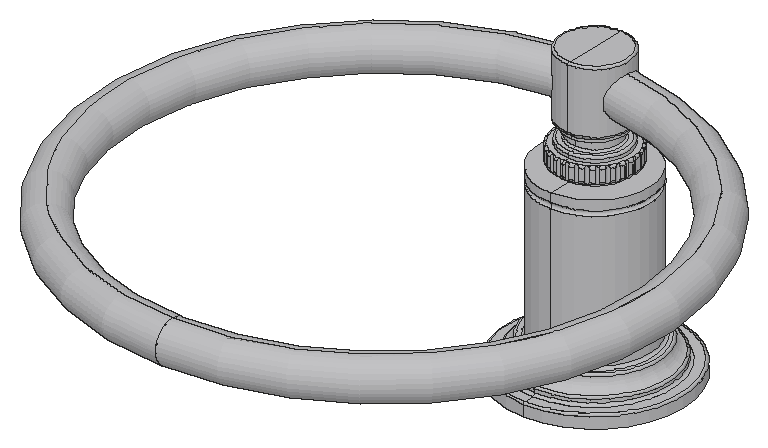
Revit family "Accessory-Towel_Ring-KALLISTA-Central_Park_West-P31422_1", category Specialty Equipment, host Face, Revit 2021
Family settings
  Host = Face
  Round Connector Dimension = Use Diameter
  Part Type = Normal
  OmniClass Number = 23.31.25.25
  OmniClass Title = Towel Bars
  Cut with Voids When Loaded = No
  Shared = No
  Room Calculation Point = No
Parameters (values of type "CP-Chrome")
  Width = 3.38189"  # constant formula
  WaterSense Certified = 1 = 0  # no
  URL = "https://www.kallista.com/"
  Type = 4
  Product Page URL = "https://www.kallista.com/bathroom/accessories/towel-rings/central-park-west-towel-ring-p31422-00-cp"
  Product Name = "CENTRAL PARK WEST"  # constant formula
  Product Documentation Link = "https://resources.kohler.com/interiors/kallista/pdf/1377362-4.pdf"
  Model = if(Type = 1, "P31422-00-BAF", if(Type = 2, "P31422-00-BN", if(Type = 3, "P31422-00-BV", if(Type = 4, "P31422-00-CP", if(Type = 5, "P31422-00-SN", if(Type = 6, "P31422-00-ULB", "NA"))))))  # "P31422-00-CP"
  Material = "Brass Construction"  # constant formula
  Master Format 2014 Name = "Toilet, Bath, and Laundry Accessories"  # constant formula
  Master Format 2014 = "10 28 00"  # constant formula
  Manufacturer Address = "444 Highland Dr, Kohler, WI 53044"  # constant formula
  Manufacturer = "Kallista Co."  # constant formula
  Length = 6.5748"  # constant formula
  Height = 7.3622"  # constant formula
  Finish = Kallista-Metal-CP-Chrome
  Environmental Product Declaration = ""
  Description = "TOWEL RING"  # constant formula
  Default Elevation = 42"
  Declare Label = ""
  Date Modified = "10/20/2022"  # constant formula
  Date Created = "10/20/2022"  # constant formula
  Copyright = "Copyright Kallista Co."  # constant formula
  Contact Us = "https://www.kallista.com/corporate/contact-us/"
  Assembly Code = "C1030200"
  ADA Compliant = 1 = 0  # no
Types (7): name | Type | Product Page URL | Model | Finish
  (no name) | 4 | "https://www.kallista.com/bathroom/accessories/towel-rings/central-park-west-towel-ring-p31422-00-cp" | "P31422-00-CP" | Kallista-Metal-CP-Chrome
  BAF-Brushed French Gold | 1 | "https://www.kallista.com/bathroom/accessories/towel-rings/central-park-west-towel-ring-p31422-00-baf" | "P31422-00-BAF" | Kallista-Metal-BAF-Brushed_French_Gold
  BN-Brushed Nickel | 2 | "" | "P31422-00-BN" | Kallista-Metal-BN-Brushed_Nickel
  BV-Brushed Bronze | 3 | "https://www.kallista.com/bathroom/accessories/towel-rings/central-park-west-towel-ring-p31422-00-bv" | "P31422-00-BV" | Kallista-Metal-BV-Brushed_Bronze
  CP-Chrome | 4 | "https://www.kallista.com/bathroom/accessories/towel-rings/central-park-west-towel-ring-p31422-00-cp" | "P31422-00-CP" | Kallista-Metal-CP-Chrome
  SN-Polished Nickel | 5 | "https://www.kallista.com/bathroom/accessories/towel-rings/central-park-west-towel-ring-p31422-00-sn" | "P31422-00-SN" | Kallista-Metal-SN-Polished_Nickel
  ULB-Unlaquered Brass | 6 | "https://www.kallista.com/bathroom/accessories/towel-rings/central-park-west-towel-ring-p31422-00-ulb" | "P31422-00-ULB" | Kallista-Metal-ULB-Unlaquered_Brass
Reference planes (in)
  plane 1 "Center (Front/Back)": y = 0
  plane 2: z = 0
  plane 3 "Center (Left/Right)": x = 0
  plane 4: x = -3.2874
  plane 5: x = 3.2874
  plane 6: y = 1.02756
  plane 7: y = -6.33465
  plane 8: z = 3.00789
  plane 9: z = 3.38189
  plane 10: x = 1.02799
  plane 11: x = -1.02799
  plane 12: y = -1.02756
Dimensions and locks (in)
  "Height": plane 7 to plane 6
  "Length": plane 4 to plane 5
  "Width": plane 9 to plane 2
  aligned and locked: plane 2 to host face
  aligned and locked: level to host face
  aligned and locked: plane 3 "Center (Left/Right)" to nested 1
  aligned and locked: nested 1 to plane 1 "Center (Front/Back)"
Automatic sketch dimensions
  host sketch curve to host sketch curve = 96"  (x2)
Nested families (in)
  nested 1: "P31422" at (0, -6.32677, 0.00002) x (1, 0, 0) z (0, 1, 0), type "P31422"
Definition of nested family "P31422"
  Parameters
    Material = none
    Default Elevation = 48"
  Reference planes (in)
    plane 1 "Center (Front/Back)": y = 0
    plane 2: z = 0
    plane 3 "Center (Left/Right)": x = 0
    plane 4: z = 7.35433
    plane 5: z = 6.32677
    plane 6: x = -3.2874
    plane 7: x = 3.2874
    plane 8: y = -3.38189
    plane 9: y = -3.00787
  Forms (in)
    Revolve 1, solid, material <- "Material", detail levels medium+fine
      sketch origin (0, 0, 0) x (0, 1, 0) y (0, 0, 1)
        loop
          line (-0.00002, 6.32709) -> (-0.00002, 7.35476) -> (-0.12698, 7.35476)
          arc (-0.12698, 7.35476) -> (-0.14219, 7.34846) -> (-0.14849, 7.33325) r 0.02151
          line (-0.14849, 7.33325) -> (-0.14849, 7.21889)
          arc (-0.14849, 7.21889) -> (-0.15744, 7.19728) -> (-0.17906, 7.18833) r 0.03056
          line (-0.17906, 7.18833) -> (-0.21179, 7.18833)
          arc (-0.21179, 7.18833) -> (-0.22787, 7.18325) -> (-0.23812, 7.16986) r 0.028
          arc (-0.23812, 7.16986) -> (-0.29325, 7.09544) -> (-0.38017, 7.06348) r 0.1617
          arc (-0.38017, 7.06348) -> (-0.39429, 7.05685) -> (-0.40003, 7.04234) r 0.02118
          line (-0.40003, 7.04234) -> (-0.40003, 6.99486)
          arc (-0.40003, 6.99486) -> (-0.4091, 6.97298) -> (-0.43098, 6.96391) r 0.03095
          line (-0.43098, 6.96391) -> (-1.97888, 6.96391)
          arc (-1.97888, 6.96391) -> (-2.00883, 6.94179) -> (-2.03879, 6.96391) r 0.03135
          line (-2.03879, 6.96391) -> (-2.1498, 6.96391) -> (-2.1498, 6.70319) -> (-2.18949, 6.70319)
          arc (-2.18949, 6.70319) -> (-2.20437, 6.70935) -> (-2.21054, 6.72423) r 0.02104
          line (-2.21054, 6.72423) -> (-2.21054, 6.76792)
          arc (-2.21054, 6.76792) -> (-2.21647, 6.78225) -> (-2.2308, 6.78819) r 0.02027
          line (-2.2308, 6.78819) -> (-2.36751, 6.78819)
          arc (-2.36751, 6.78819) -> (-2.3834, 6.78161) -> (-2.38998, 6.76572) r 0.02247
          line (-2.38998, 6.76572) -> (-2.38998, 6.70319) -> (-2.42672, 6.70319)
          arc (-2.42672, 6.70319) -> (-2.44348, 6.69625) -> (-2.45043, 6.67948) r 0.02371
          line (-2.45043, 6.67948) -> (-2.45043, 6.62541)
          arc (-2.45043, 6.62541) -> (-2.4564, 6.61099) -> (-2.47082, 6.60502) r 0.02039
          line (-2.47082, 6.60502) -> (-2.55814, 6.60502)
          arc (-2.55814, 6.60502) -> (-2.57217, 6.61083) -> (-2.57798, 6.62486) r 0.01984
          line (-2.57798, 6.62486) -> (-2.57798, 6.66385) -> (-2.63721, 6.66385) -> (-2.63721, 6.6961)
          arc (-2.63721, 6.6961) -> (-2.64311, 6.71033) -> (-2.65734, 6.71623) r 0.02013
          line (-2.65734, 6.71623) -> (-3.36026, 6.71623)
          arc (-3.36026, 6.71623) -> (-3.37555, 6.70989) -> (-3.38189, 6.6946) r 0.02163
          line (-3.38189, 6.6946) -> (-3.38189, 6.32709) -> (-0.00002, 6.32709)
        axis (-0.00002, 6.32677) -> (-3.38189, 6.32677)
      angle from 0 to 360
    Extrusion 2, void
      sketch origin (0, 0, 0) x (1, 0, 0) y (0, 0, 1)
        loop
          line (0.06972, 6.78372) -> (0.07752, 6.8309) -> (0.0368, 6.83808) -> (0.02799, 6.78811)
          arc (0.02799, 6.78811) -> (0.04679, 6.76625) -> (0.06972, 6.78372) r 0.02102
      from 2.18272 to 2.41925
    Extrusion 3, void
      sketch origin (-1.31548, 0, 0.13826) x (0.978148, 0, -0.207912) y (0.207912, 0, 0.978148)
        loop
          line (0.06972, 6.78372) -> (0.07752, 6.8309) -> (0.0368, 6.83808) -> (0.02799, 6.78811)
          arc (0.02799, 6.78811) -> (0.04679, 6.76625) -> (0.06972, 6.78372) r 0.02102
      from 2.18272 to 2.41925
    Extrusion 4, void
      sketch origin (-2.57346, 0, 0.54701) x (0.913545, 0, -0.406737) y (0.406737, 0, 0.913545)
        loop
          line (0.06972, 6.78372) -> (0.07752, 6.8309) -> (0.0368, 6.83808) -> (0.02799, 6.78811)
          arc (0.02799, 6.78811) -> (0.04679, 6.76625) -> (0.06972, 6.78372) r 0.02102
      from 2.18272 to 2.41925
    Extrusion 5, void
      sketch origin (-3.71897, 0, 1.20837) x (0.809017, 0, -0.587785) y (0.587785, 0, 0.809017)
        loop
          line (0.06972, 6.78372) -> (0.07752, 6.8309) -> (0.0368, 6.83808) -> (0.02799, 6.78811)
          arc (0.02799, 6.78811) -> (0.04679, 6.76625) -> (0.06972, 6.78372) r 0.02102
      from 2.18272 to 2.41925
    Extrusion 6, void
      sketch origin (4.70194, 0, 2.09344) x (0.669131, 0, 0.743145) y (-0.743145, 0, 0.669131)
        loop
          line (0.06972, 6.78372) -> (0.07752, 6.8309) -> (0.0368, 6.83808) -> (0.02799, 6.78811)
          arc (0.02799, 6.78811) -> (0.04679, 6.76625) -> (0.06972, 6.78372) r 0.02102
      from 2.18272 to 2.41925
    Extrusion 7, void
      sketch origin (3.71897, 0, 1.20837) x (0.809017, 0, 0.587785) y (-0.587785, 0, 0.809017)
        loop
          line (0.06972, 6.78372) -> (0.07752, 6.8309) -> (0.0368, 6.83808) -> (0.02799, 6.78811)
          arc (0.02799, 6.78811) -> (0.04679, 6.76625) -> (0.06972, 6.78372) r 0.02102
      from 2.18272 to 2.41925
    Extrusion 8, void
      sketch origin (2.57346, 0, 0.54701) x (0.913545, 0, 0.406737) y (-0.406737, 0, 0.913545)
        loop
          line (0.06972, 6.78372) -> (0.07752, 6.8309) -> (0.0368, 6.83808) -> (0.02799, 6.78811)
          arc (0.02799, 6.78811) -> (0.04679, 6.76625) -> (0.06972, 6.78372) r 0.02102
      from 2.18272 to 2.41925
    Extrusion 9, void
      sketch origin (1.31548, 0, 0.13826) x (0.978148, 0, 0.207912) y (-0.207912, 0, 0.978148)
        loop
          line (0.06972, 6.78372) -> (0.07752, 6.8309) -> (0.0368, 6.83808) -> (0.02799, 6.78811)
          arc (0.02799, 6.78811) -> (0.04679, 6.76625) -> (0.06972, 6.78372) r 0.02102
      from 2.18272 to 2.41925
    Extrusion 10, void
      sketch origin (6.29196, 0, 6.98824) x (-0.104528, 0, 0.994522) y (-0.994522, 0, -0.104528)
        loop
          line (0.06972, 6.78372) -> (0.07752, 6.8309) -> (0.0368, 6.83808) -> (0.02799, 6.78811)
          arc (0.02799, 6.78811) -> (0.04679, 6.76625) -> (0.06972, 6.78372) r 0.02102
      from 2.18272 to 2.41925
    Extrusion 11, void
      sketch origin (6.29196, 0, 5.66552) x (0.104528, 0, 0.994522) y (-0.994522, 0, 0.104528)
        loop
          line (0.06972, 6.78372) -> (0.07752, 6.8309) -> (0.0368, 6.83808) -> (0.02799, 6.78811)
          arc (0.02799, 6.78811) -> (0.04679, 6.76625) -> (0.06972, 6.78372) r 0.02102
      from 2.18272 to 2.41925
    Extrusion 12, void
      sketch origin (6.01695, 0, 4.3717) x (0.309017, 0, 0.951057) y (-0.951057, 0, 0.309017)
        loop
          line (0.06972, 6.78372) -> (0.07752, 6.8309) -> (0.0368, 6.83808) -> (0.02799, 6.78811)
          arc (0.02799, 6.78811) -> (0.04679, 6.76625) -> (0.06972, 6.78372) r 0.02102
      from 2.18272 to 2.41925
    Extrusion 13, void
      sketch origin (5.47895, 0, 3.16333) x (0.5, 0, 0.866025) y (-0.866025, 0, 0.5)
        loop
          line (0.06972, 6.78372) -> (0.07752, 6.8309) -> (0.0368, 6.83808) -> (0.02799, 6.78811)
          arc (0.02799, 6.78811) -> (0.04679, 6.76625) -> (0.06972, 6.78372) r 0.02102
      from 2.18272 to 2.41925
    Extrusion 14, void
      sketch origin (4.70131, 0, 10.56017) x (-0.669131, 0, 0.743145) y (-0.743145, 0, -0.669131)
        loop
          line (0.06972, 6.78372) -> (0.07752, 6.8309) -> (0.0368, 6.83808) -> (0.02799, 6.78811)
          arc (0.02799, 6.78811) -> (0.04679, 6.76625) -> (0.06972, 6.78372) r 0.02102
      from 2.18272 to 2.41925
    Extrusion 15, void
      sketch origin (5.47879, 0, 9.49007) x (-0.5, 0, 0.866025) y (-0.866025, 0, -0.5)
        loop
          line (0.06972, 6.78372) -> (0.07752, 6.8309) -> (0.0368, 6.83808) -> (0.02799, 6.78811)
          arc (0.02799, 6.78811) -> (0.04679, 6.76625) -> (0.06972, 6.78372) r 0.02102
      from 2.18272 to 2.41925
    Extrusion 16, void
      sketch origin (6.01679, 0, 8.2817) x (-0.309017, 0, 0.951057) y (-0.951057, 0, -0.309017)
        loop
          line (0.06972, 6.78372) -> (0.07752, 6.8309) -> (0.0368, 6.83808) -> (0.02799, 6.78811)
          arc (0.02799, 6.78811) -> (0.04679, 6.76625) -> (0.06972, 6.78372) r 0.02102
      from 2.18272 to 2.41925
    Extrusion 17, void
      sketch origin (3.71834, 0, 11.44511) x (-0.809017, 0, 0.587785) y (-0.587785, 0, -0.809017)
        loop
          line (0.06972, 6.78372) -> (0.07752, 6.8309) -> (0.0368, 6.83808) -> (0.02799, 6.78811)
          arc (0.02799, 6.78811) -> (0.04679, 6.76625) -> (0.06972, 6.78372) r 0.02102
      from 2.18272 to 2.41925
    Extrusion 18, void
      sketch origin (-0.00047, 0, 12.65312) x (-1, 0, 0) y (0, 0, -1)
        loop
          line (0.06972, 6.78372) -> (0.07752, 6.8309) -> (0.0368, 6.83808) -> (0.02799, 6.78811)
          arc (0.02799, 6.78811) -> (0.04679, 6.76625) -> (0.06972, 6.78372) r 0.02102
      from 2.18272 to 2.41925
    Extrusion 19, void
      sketch origin (1.31501, 0, 12.51486) x (-0.978148, 0, 0.207912) y (-0.207912, 0, -0.978148)
        loop
          line (0.06972, 6.78372) -> (0.07752, 6.8309) -> (0.0368, 6.83808) -> (0.02799, 6.78811)
          arc (0.02799, 6.78811) -> (0.04679, 6.76625) -> (0.06972, 6.78372) r 0.02102
      from 2.18272 to 2.41925
    Extrusion 20, void
      sketch origin (2.57299, 0, 12.10611) x (-0.913545, 0, 0.406737) y (-0.406737, 0, -0.913545)
        loop
          line (0.06972, 6.78372) -> (0.07752, 6.8309) -> (0.0368, 6.83808) -> (0.02799, 6.78811)
          arc (0.02799, 6.78811) -> (0.04679, 6.76625) -> (0.06972, 6.78372) r 0.02102
      from 2.18272 to 2.41925
    Extrusion 21, void
      sketch origin (-4.6961, 0, 2.08696) x (0.670155, 0, -0.742221) y (0.742221, 0, 0.670155)
        loop
          line (0.06972, 6.78372) -> (0.07752, 6.8309) -> (0.0368, 6.83808) -> (0.02799, 6.78811)
          arc (0.02799, 6.78811) -> (0.04679, 6.76625) -> (0.06972, 6.78372) r 0.02102
      from 2.18272 to 2.41925
    Extrusion 22, void
      sketch origin (-5.47505, 0, 3.15599) x (0.501194, 0, -0.865335) y (0.865335, 0, 0.501194)
        loop
          line (0.06972, 6.78372) -> (0.07752, 6.8309) -> (0.0368, 6.83808) -> (0.02799, 6.78811)
          arc (0.02799, 6.78811) -> (0.04679, 6.76625) -> (0.06972, 6.78372) r 0.02102
      from 2.18272 to 2.41925
    Extrusion 23, void
      sketch origin (-6.01472, 0, 4.36361) x (0.310329, 0, -0.950629) y (0.950629, 0, 0.310329)
        loop
          line (0.06972, 6.78372) -> (0.07752, 6.8309) -> (0.0368, 6.83808) -> (0.02799, 6.78811)
          arc (0.02799, 6.78811) -> (0.04679, 6.76625) -> (0.06972, 6.78372) r 0.02102
      from 2.18272 to 2.41925
    Extrusion 24, void
      sketch origin (-6.29151, 0, 5.65705) x (0.1059, 0, -0.994377) y (0.994377, 0, 0.1059)
        loop
          line (0.06972, 6.78372) -> (0.07752, 6.8309) -> (0.0368, 6.83808) -> (0.02799, 6.78811)
          arc (0.02799, 6.78811) -> (0.04679, 6.76625) -> (0.06972, 6.78372) r 0.02102
      from 2.18272 to 2.41925
    Extrusion 25, void
      sketch origin (-6.2918, 0, 6.98788) x (-0.104528, 0, -0.994522) y (0.994522, 0, -0.104528)
        loop
          line (0.06972, 6.78372) -> (0.07752, 6.8309) -> (0.0368, 6.83808) -> (0.02799, 6.78811)
          arc (0.02799, 6.78811) -> (0.04679, 6.76625) -> (0.06972, 6.78372) r 0.02102
      from 2.18272 to 2.41925
    Extrusion 26, void
      sketch origin (-6.01679, 0, 8.2817) x (-0.309017, 0, -0.951057) y (0.951057, 0, -0.309017)
        loop
          line (0.06972, 6.78372) -> (0.07752, 6.8309) -> (0.0368, 6.83808) -> (0.02799, 6.78811)
          arc (0.02799, 6.78811) -> (0.04679, 6.76625) -> (0.06972, 6.78372) r 0.02102
      from 2.18272 to 2.41925
    Extrusion 27, void
      sketch origin (-5.47879, 0, 9.49007) x (-0.5, 0, -0.866025) y (0.866025, 0, -0.5)
        loop
          line (0.06972, 6.78372) -> (0.07752, 6.8309) -> (0.0368, 6.83808) -> (0.02799, 6.78811)
          arc (0.02799, 6.78811) -> (0.04679, 6.76625) -> (0.06972, 6.78372) r 0.02102
      from 2.18272 to 2.41925
    Extrusion 28, void
      sketch origin (-4.70715, 0, 10.55368) x (-0.668105, 0, -0.744067) y (0.744067, 0, -0.668105)
        loop
          line (0.06972, 6.78372) -> (0.07752, 6.8309) -> (0.0368, 6.83808) -> (0.02799, 6.78811)
          arc (0.02799, 6.78811) -> (0.04679, 6.76625) -> (0.06972, 6.78372) r 0.02102
      from 2.18272 to 2.41925
    Extrusion 29, void
      sketch origin (-3.7254, 0, 11.44011) x (-0.808205, 0, -0.588901) y (0.588901, 0, -0.808205)
        loop
          line (0.06972, 6.78372) -> (0.07752, 6.8309) -> (0.0368, 6.83808) -> (0.02799, 6.78811)
          arc (0.02799, 6.78811) -> (0.04679, 6.76625) -> (0.06972, 6.78372) r 0.02102
      from 2.18272 to 2.41925
    Extrusion 30, void
      sketch origin (-2.5808, 0, 12.10305) x (-0.912983, 0, -0.407997) y (0.407997, 0, -0.912983)
        loop
          line (0.06972, 6.78372) -> (0.07752, 6.8309) -> (0.0368, 6.83808) -> (0.02799, 6.78811)
          arc (0.02799, 6.78811) -> (0.04679, 6.76625) -> (0.06972, 6.78372) r 0.02102
      from 2.18272 to 2.41925
    Extrusion 31, void
      sketch origin (-1.32338, 0, 12.51353) x (-0.97786, 0, -0.209261) y (0.209261, 0, -0.97786)
        loop
          line (0.06972, 6.78372) -> (0.07752, 6.8309) -> (0.0368, 6.83808) -> (0.02799, 6.78811)
          arc (0.02799, 6.78811) -> (0.04679, 6.76625) -> (0.06972, 6.78372) r 0.02102
      from 2.18272 to 2.41925
    Sweep 32, solid, material <- "Material", detail levels medium+fine
      path origin (0, 0, 0) x (1, 0, 0) y (0, 0, 1)
        loop
          circle (0, 3.27527) r 3.05118
      profile origin (-3.05118, 0, 3.27527) x (0, -1, 0) y (1, 0, 0)
        loop
          circle (3.00787, 0) r 0.23994
    Revolve 33, solid, material <- "Material", detail levels coarse
      sketch origin (0, 0, 0) x (0, 1, 0) y (0, 0, 1)
        loop
          line (-0.00003, 6.32754) -> (-0.00003, 7.35445) -> (-0.1485, 7.35445) -> (-0.1485, 7.21858) -> (-0.40004, 7.04203) -> (-0.40004, 6.96566) -> (-2.15324, 6.96566) -> (-2.15324, 6.70683) -> (-2.20438, 6.70683) -> (-2.20438, 6.78755) -> (-2.39017, 6.78755) -> (-2.39017, 6.70332) -> (-2.45024, 6.70332) -> (-2.45024, 6.62343) -> (-2.57798, 6.62343) -> (-2.57798, 6.66353) -> (-2.63721, 6.66353) -> (-2.63721, 6.71447) -> (-3.38188, 6.71447) -> (-3.38188, 6.32754) -> (-0.00003, 6.32754)
        axis (-0.00003, 6.32677) -> (-3.38188, 6.32677)
      angle from 0 to 360
    Sweep 34, solid, material <- "Material", detail levels coarse
      path origin (0, 0, 0) x (1, 0, 0) y (0, 0, 1)
        loop
          circle (0, 3.27636) r 3.05118
      profile origin (-3.05118, 0, 3.27636) x (0, -1, 0) y (1, 0, 0)
        loop
          circle (3.00787, 0) r 0.23499
  Cuts and joins
    Extrusion 2, Extrusion 3, Extrusion 4, Extrusion 5, Extrusion 6, Extrusion 7, Extrusion 8, Extrusion 9, Extrusion 10, Extrusion 11, Extrusion 12, Extrusion 13, Extrusion 14, Extrusion 15, Extrusion 16, Extrusion 17, Extrusion 18, Extrusion 19, Extrusion 20, Extrusion 21, Extrusion 22, Extrusion 23, Extrusion 24, Extrusion 25, Extrusion 26, Extrusion 27, Extrusion 28, Extrusion 29, Extrusion 30, Extrusion 31 cuts Revolve 1
    joined: Revolve 1, Sweep 32
    joined: Revolve 33, Sweep 34
  Lines and regions (in)
    Masking region 1
      outline origin (0, 0, 0) x (1, 0, 0) y (0, 0, 1)
        loop
          arc (-1.02441, 6.40831) -> (-3.24789, 2.75998) -> (0, -0.01587) r 3.29468
          arc (0, -0.01587) -> (3.24789, 2.75998) -> (1.02441, 6.40831) r 3.29468
          arc (1.02441, 6.40831) -> (0, 7.35413) -> (-1.02441, 6.40831) r 1.02767
        loop
          arc (-0.946, 5.92393) -> (0, 0.47235) -> (0.946, 5.92393) r 2.80787
          arc (0.946, 5.92393) -> (0, 5.29838) -> (-0.946, 5.92393) r 1.02807
    Masking region 2
      outline origin (0, 0, 0) x (0, 1, 0) y (0, 0, 1)
        loop
          line (-0.00003, 6.32677) -> (-0.00003, 7.35445) -> (-0.12699, 7.35445)
          arc (-0.12699, 7.35445) -> (-0.1422, 7.34815) -> (-0.1485, 7.33294) r 0.02151
          line (-0.1485, 7.33294) -> (-0.1485, 7.21858)
          arc (-0.1485, 7.21858) -> (-0.15745, 7.19697) -> (-0.17906, 7.18802) r 0.03056
          line (-0.17906, 7.18802) -> (-0.21179, 7.18802)
          arc (-0.21179, 7.18802) -> (-0.22788, 7.18294) -> (-0.23812, 7.16954) r 0.028
          arc (-0.23812, 7.16954) -> (-0.29325, 7.09513) -> (-0.38017, 7.06317) r 0.1617
          arc (-0.38017, 7.06317) -> (-0.39429, 7.05654) -> (-0.40004, 7.04203) r 0.02118
          line (-0.40004, 7.04203) -> (-0.40004, 6.99455)
          arc (-0.40004, 6.99455) -> (-0.4091, 6.97266) -> (-0.43098, 6.9636) r 0.03095
          line (-0.43098, 6.9636) -> (-1.97888, 6.9636)
          arc (-1.97888, 6.9636) -> (-2.00884, 6.94148) -> (-2.03879, 6.9636) r 0.03135
          line (-2.03879, 6.9636) -> (-2.1498, 6.9636) -> (-2.1498, 6.70288) -> (-2.1895, 6.70288)
          arc (-2.1895, 6.70288) -> (-2.20438, 6.70904) -> (-2.21054, 6.72392) r 0.02104
          line (-2.21054, 6.72392) -> (-2.21054, 6.76761)
          arc (-2.21054, 6.76761) -> (-2.21648, 6.78194) -> (-2.23081, 6.78788) r 0.02027
          line (-2.23081, 6.78788) -> (-2.36752, 6.78788)
          arc (-2.36752, 6.78788) -> (-2.3834, 6.7813) -> (-2.38998, 6.76541) r 0.02247
          line (-2.38998, 6.76541) -> (-2.38998, 6.70288) -> (-2.42672, 6.70288)
          arc (-2.42672, 6.70288) -> (-2.44348, 6.69593) -> (-2.45043, 6.67917) r 0.02371
          line (-2.45043, 6.67917) -> (-2.45043, 6.6251)
          arc (-2.45043, 6.6251) -> (-2.4564, 6.61068) -> (-2.47082, 6.6047) r 0.02039
          line (-2.47082, 6.6047) -> (-2.55814, 6.6047)
          arc (-2.55814, 6.6047) -> (-2.57217, 6.61051) -> (-2.57798, 6.62454) r 0.01984
          line (-2.57798, 6.62454) -> (-2.57798, 6.66353) -> (-2.63721, 6.66353) -> (-2.63721, 6.69578)
          arc (-2.63721, 6.69578) -> (-2.64311, 6.71002) -> (-2.65735, 6.71591) r 0.02013
          line (-2.65735, 6.71591) -> (-3.36026, 6.71591)
          arc (-3.36026, 6.71591) -> (-3.37556, 6.70958) -> (-3.38189, 6.69428) r 0.02163
          line (-3.38189, 6.69428) -> (-3.38189, 6.32677) -> (-3.38189, 5.95926)
          arc (-3.38189, 5.95926) -> (-3.37556, 5.94396) -> (-3.36026, 5.93763) r 0.02163
          line (-3.36026, 5.93763) -> (-3.24622, 5.93763) -> (-3.24622, 0.24585)
          arc (-3.24622, 0.24585) -> (-3.01864, -0.01335) -> (-2.76953, 0.22522) r 0.23879
          line (-2.76953, 0.22522) -> (-2.76953, 5.93763) -> (-2.65735, 5.93763)
          arc (-2.65735, 5.93763) -> (-2.64311, 5.94353) -> (-2.63721, 5.95776) r 0.02013
          line (-2.63721, 5.95776) -> (-2.63721, 5.99001) -> (-2.57798, 5.99001) -> (-2.57798, 6.029)
          arc (-2.57798, 6.029) -> (-2.57217, 6.04303) -> (-2.55814, 6.04884) r 0.01984
          line (-2.55814, 6.04884) -> (-2.47082, 6.04884)
          arc (-2.47082, 6.04884) -> (-2.4564, 6.04287) -> (-2.45043, 6.02845) r 0.02039
          line (-2.45043, 6.02845) -> (-2.45043, 5.97437)
          arc (-2.45043, 5.97437) -> (-2.44348, 5.95761) -> (-2.42672, 5.95067) r 0.02371
          line (-2.42672, 5.95067) -> (-2.38998, 5.95067) -> (-2.38998, 5.88813)
          arc (-2.38998, 5.88813) -> (-2.3834, 5.87225) -> (-2.36752, 5.86567) r 0.02247
          line (-2.36752, 5.86567) -> (-2.23081, 5.86567)
          arc (-2.23081, 5.86567) -> (-2.21648, 5.8716) -> (-2.21054, 5.88593) r 0.02027
          line (-2.21054, 5.88593) -> (-2.21054, 5.92962)
          arc (-2.21054, 5.92962) -> (-2.20438, 5.9445) -> (-2.1895, 5.95067) r 0.02104
          line (-2.1895, 5.95067) -> (-2.1498, 5.95067) -> (-2.1498, 5.68994) -> (-2.03879, 5.68994)
          arc (-2.03879, 5.68994) -> (-2.00884, 5.71206) -> (-1.97888, 5.68994) r 0.03135
          line (-1.97888, 5.68994) -> (-0.43098, 5.68994)
          arc (-0.43098, 5.68994) -> (-0.4091, 5.68088) -> (-0.40004, 5.659) r 0.03095
          line (-0.40004, 5.659) -> (-0.40004, 5.61151)
          arc (-0.40004, 5.61151) -> (-0.39429, 5.59701) -> (-0.38017, 5.59037) r 0.02118
          arc (-0.38017, 5.59037) -> (-0.29325, 5.55841) -> (-0.23812, 5.484) r 0.1617
          arc (-0.23812, 5.484) -> (-0.22788, 5.47061) -> (-0.21179, 5.46553) r 0.028
          line (-0.21179, 5.46553) -> (-0.17906, 5.46553)
          arc (-0.17906, 5.46553) -> (-0.15745, 5.45658) -> (-0.1485, 5.43496) r 0.03056
          line (-0.1485, 5.43496) -> (-0.1485, 5.3206)
          arc (-0.1485, 5.3206) -> (-0.1422, 5.30539) -> (-0.12699, 5.29909) r 0.02151
          line (-0.12699, 5.29909) -> (-0.00003, 5.29909) -> (-0.00003, 6.32677)
    Masking region 3
      outline origin (0, 0, 0) x (1, 0, 0) y (0, 1, 0)
        loop
          line (0, 0.00002) -> (-1.02767, 0.00002) -> (-1.02767, -0.12694)
          arc (-1.02767, -0.12694) -> (-1.02137, -0.14215) -> (-1.00616, -0.14845) r 0.02151
          line (-1.00616, -0.14845) -> (-0.8918, -0.14845)
          arc (-0.8918, -0.14845) -> (-0.87019, -0.1574) -> (-0.86124, -0.17902) r 0.03056
          line (-0.86124, -0.17902) -> (-0.86124, -0.21175)
          arc (-0.86124, -0.21175) -> (-0.85616, -0.22783) -> (-0.84277, -0.23808) r 0.028
          arc (-0.84277, -0.23808) -> (-0.76835, -0.29321) -> (-0.73639, -0.38013) r 0.1617
          arc (-0.73639, -0.38013) -> (-0.72976, -0.39425) -> (-0.71525, -0.39999) r 0.02118
          line (-0.71525, -0.39999) -> (-0.66777, -0.39999)
          arc (-0.66777, -0.39999) -> (-0.64589, -0.40906) -> (-0.63682, -0.43094) r 0.03095
          line (-0.63682, -0.43094) -> (-0.63682, -1.97884)
          arc (-0.63682, -1.97884) -> (-0.6147, -2.00879) -> (-0.63682, -2.03875) r 0.03135
          line (-0.63682, -2.03875) -> (-0.63682, -2.14976) -> (-0.3761, -2.14976) -> (-0.3761, -2.18945)
          arc (-0.3761, -2.18945) -> (-0.38226, -2.20433) -> (-0.39714, -2.2105) r 0.02104
          line (-0.39714, -2.2105) -> (-0.44083, -2.2105)
          arc (-0.44083, -2.2105) -> (-0.45516, -2.21643) -> (-0.4611, -2.23076) r 0.02027
          line (-0.4611, -2.23076) -> (-0.4611, -2.36747)
          arc (-0.4611, -2.36747) -> (-0.45452, -2.38336) -> (-0.43863, -2.38994) r 0.02247
          line (-0.43863, -2.38994) -> (-0.3761, -2.38994) -> (-0.3761, -2.42668)
          arc (-0.3761, -2.42668) -> (-0.36916, -2.44344) -> (-0.35239, -2.45039) r 0.02371
          line (-0.35239, -2.45039) -> (-0.29832, -2.45039)
          arc (-0.29832, -2.45039) -> (-0.2839, -2.45636) -> (-0.27793, -2.47078) r 0.02039
          line (-0.27793, -2.47078) -> (-0.27793, -2.5581)
          arc (-0.27793, -2.5581) -> (-0.28374, -2.57213) -> (-0.29777, -2.57794) r 0.01984
          line (-0.29777, -2.57794) -> (-0.33676, -2.57794) -> (-0.33676, -2.63717) -> (-0.36901, -2.63717)
          arc (-0.36901, -2.63717) -> (-0.38324, -2.64307) -> (-0.38914, -2.6573) r 0.02013
          line (-0.38914, -2.6573) -> (-0.38914, -2.76716) -> (-3.04546, -2.76716)
          arc (-3.04546, -2.76716) -> (-3.28617, -3.00787) -> (-3.04546, -3.24858) r 0.24071
          line (-3.04546, -3.24858) -> (-0.38914, -3.24858) -> (-0.38914, -3.36022)
          arc (-0.38914, -3.36022) -> (-0.3828, -3.37551) -> (-0.36751, -3.38185) r 0.02163
          line (-0.36751, -3.38185) -> (0, -3.38185) -> (0.36751, -3.38185)
          arc (0.36751, -3.38185) -> (0.3828, -3.37551) -> (0.38914, -3.36022) r 0.02163
          line (0.38914, -3.36022) -> (0.38914, -3.24858) -> (3.04546, -3.24858)
          arc (3.04546, -3.24858) -> (3.28617, -3.00787) -> (3.04546, -2.76716) r 0.24071
          line (3.04546, -2.76716) -> (0.38914, -2.76716) -> (0.38914, -2.6573)
          arc (0.38914, -2.6573) -> (0.38324, -2.64307) -> (0.36901, -2.63717) r 0.02013
          line (0.36901, -2.63717) -> (0.33676, -2.63717) -> (0.33676, -2.57794) -> (0.29777, -2.57794)
          arc (0.29777, -2.57794) -> (0.28374, -2.57213) -> (0.27793, -2.5581) r 0.01984
          line (0.27793, -2.5581) -> (0.27793, -2.47078)
          arc (0.27793, -2.47078) -> (0.2839, -2.45636) -> (0.29832, -2.45039) r 0.02039
          line (0.29832, -2.45039) -> (0.35239, -2.45039)
          arc (0.35239, -2.45039) -> (0.36916, -2.44344) -> (0.3761, -2.42668) r 0.02371
          line (0.3761, -2.42668) -> (0.3761, -2.38994) -> (0.43863, -2.38994)
          arc (0.43863, -2.38994) -> (0.45452, -2.38336) -> (0.4611, -2.36747) r 0.02247
          line (0.4611, -2.36747) -> (0.4611, -2.23076)
          arc (0.4611, -2.23076) -> (0.45516, -2.21643) -> (0.44083, -2.2105) r 0.02027
          line (0.44083, -2.2105) -> (0.39714, -2.2105)
          arc (0.39714, -2.2105) -> (0.38226, -2.20433) -> (0.3761, -2.18945) r 0.02104
          line (0.3761, -2.18945) -> (0.3761, -2.14976) -> (0.63682, -2.14976) -> (0.63682, -2.03875)
          arc (0.63682, -2.03875) -> (0.6147, -2.00879) -> (0.63682, -1.97884) r 0.03135
          line (0.63682, -1.97884) -> (0.63682, -0.43094)
          arc (0.63682, -0.43094) -> (0.64589, -0.40906) -> (0.66777, -0.39999) r 0.03095
          line (0.66777, -0.39999) -> (0.71525, -0.39999)
          arc (0.71525, -0.39999) -> (0.72976, -0.39425) -> (0.73639, -0.38013) r 0.02118
          arc (0.73639, -0.38013) -> (0.76835, -0.29321) -> (0.84277, -0.23808) r 0.1617
          arc (0.84277, -0.23808) -> (0.85616, -0.22783) -> (0.86124, -0.21175) r 0.028
          line (0.86124, -0.21175) -> (0.86124, -0.17902)
          arc (0.86124, -0.17902) -> (0.87019, -0.1574) -> (0.8918, -0.14845) r 0.03056
          line (0.8918, -0.14845) -> (1.00616, -0.14845)
          arc (1.00616, -0.14845) -> (1.02137, -0.14215) -> (1.02767, -0.12694) r 0.02151
          line (1.02767, -0.12694) -> (1.02767, 0.00002) -> (0, 0.00002)
    symbolic lines, detail levels medium+fine
      curve 1: arc (-0.06821, 0, 6.78252) -> (-0.04557, 0, 6.76638) -> (-0.02672, 0, 6.78682) r 0.02102
      curve 2: arc (-0.16142, 0, 6.75842) -> (-0.13591, 0, 6.7473) -> (-0.12173, 0, 6.77124) r 0.02102
      curve 3: arc (-0.24761, 0, 6.71548) -> (-0.22032, 0, 6.70986) -> (-0.21143, 0, 6.73627) r 0.02102
      curve 4: arc (-0.32301, 0, 6.65557) -> (-0.29509, 0, 6.65568) -> (-0.29193, 0, 6.68343) r 0.02102
      curve 5: arc (-0.38457, 0, 6.58094) -> (-0.35742, 0, 6.58695) -> (-0.36, 0, 6.61464) r 0.02102
      curve 6: arc (-0.36107, 0, 6.03961) -> (-0.35455, 0, 6.05174) -> (-0.35694, 0, 6.06531) r 0.02102
      curve 7: arc (-0.29354, 0, 5.97081) -> (-0.29658, 0, 5.99857) -> (-0.3245, 0, 5.99881) r 0.02102
      curve 8: arc (-0.213, 0, 5.91745) -> (-0.2218, 0, 5.94385) -> (-0.24909, 0, 5.93837) r 0.02102
      curve 9: arc (-0.12342, 0, 5.88214) -> (-0.1375, 0, 5.90618) -> (-0.16308, 0, 5.89511) r 0.02102
      curve 10: arc (-0.02844, 0, 5.86619) -> (-0.04721, 0, 5.88687) -> (-0.06995, 0, 5.87065) r 0.02102
      curve 11: arc (0.06959, 0, 5.8706) -> (0.04678, 0, 5.88729) -> (0.02798, 0, 5.86616) r 0.02102
      curve 12: arc (0.16283, 0, 5.89502) -> (0.13709, 0, 5.90649) -> (0.12307, 0, 5.88204) r 0.02102
      curve 13: arc (0.24892, 0, 5.93827) -> (0.22144, 0, 5.94404) -> (0.21276, 0, 5.91733) r 0.02102
      curve 14: arc (0.32414, 0, 5.99845) -> (0.29614, 0, 5.99831) -> (0.29313, 0, 5.97047) r 0.02102
      curve 15: arc (0.35681, 0, 6.06532) -> (0.35372, 0, 6.05135) -> (0.36029, 0, 6.03864) r 0.02102
      curve 16: arc (0.36009, 0, 6.61453) -> (0.35731, 0, 6.58667) -> (0.38468, 0, 6.58077) r 0.02102
      curve 17: arc (0.29289, 0, 6.68264) -> (0.29598, 0, 6.65488) -> (0.3239, 0, 6.65469) r 0.02102
      curve 18: arc (0.21254, 0, 6.7357) -> (0.22135, 0, 6.70926) -> (0.24866, 0, 6.71481) r 0.02102
      curve 19: arc (0.12293, 0, 6.77091) -> (0.13705, 0, 6.74693) -> (0.16259, 0, 6.75798) r 0.02102
      curve 20: arc (0.02797, 0, 6.78675) -> (0.04676, 0, 6.76625) -> (0.06945, 0, 6.78234) r 0.02102
      curve 21: arc (0, 0, 6.96391) -> (-0.37786, 0, 6.83978) -> (-0.60847, 0, 6.51574) r 0.63714
      curve 22: arc (-0.06821, 0, 6.78252) -> (-0.09514, 0, 6.77768) -> (-0.12173, 0, 6.77124) r 0.46114
      curve 23: arc (-0.16142, 0, 6.75842) -> (-0.18676, 0, 6.74809) -> (-0.21143, 0, 6.73627) r 0.46114
      curve 24: arc (-0.24761, 0, 6.71548) -> (-0.27024, 0, 6.70011) -> (-0.29193, 0, 6.68343) r 0.46114
      curve 25: arc (-0.32301, 0, 6.65557) -> (-0.34212, 0, 6.63566) -> (-0.36, 0, 6.61464) r 0.46114
      curve 26: arc (-0.38457, 0, 6.58094) -> (-0.39489, 0, 6.5646) -> (-0.40452, 0, 6.54785) r 0.46114
      curve 27: arc (-0.36107, 0, 6.03961) -> (-0.34339, 0, 6.01867) -> (-0.3245, 0, 5.99881) r 0.46114
      curve 28: arc (-0.29354, 0, 5.97081) -> (-0.2718, 0, 5.95393) -> (-0.24909, 0, 5.93837) r 0.46114
      curve 29: arc (-0.213, 0, 5.91745) -> (-0.18837, 0, 5.90554) -> (-0.16308, 0, 5.89511) r 0.46114
      curve 30: arc (-0.12342, 0, 5.88214) -> (-0.09685, 0, 5.8756) -> (-0.06995, 0, 5.87065) r 0.46114
      curve 31: arc (-0.02844, 0, 5.86619) -> (-0.00023, 0, 5.86531) -> (0.02798, 0, 5.86616) r 0.46114
      curve 32: arc (0.02797, 0, 6.78675) -> (0.00063, 0, 6.7876) -> (-0.02672, 0, 6.78682) r 0.46114
      curve 33: arc (0.12293, 0, 6.77091) -> (0.09636, 0, 6.77742) -> (0.06945, 0, 6.78234) r 0.46114
      curve 34: arc (0.21254, 0, 6.7357) -> (0.1879, 0, 6.74758) -> (0.16259, 0, 6.75798) r 0.46114
      curve 35: arc (0.29289, 0, 6.68264) -> (0.27126, 0, 6.69938) -> (0.24866, 0, 6.71481) r 0.46114
      curve 36: arc (0.36009, 0, 6.61453) -> (0.34259, 0, 6.63514) -> (0.3239, 0, 6.65469) r 0.46114
      curve 37: arc (0.40452, 0, 6.54785) -> (0.39494, 0, 6.56451) -> (0.38468, 0, 6.58077) r 0.46114
      curve 38: arc (0.32414, 0, 5.99845) -> (0.3428, 0, 6.01801) -> (0.36029, 0, 6.03864) r 0.46114
      curve 39: arc (0.24892, 0, 5.93827) -> (0.2715, 0, 5.95371) -> (0.29313, 0, 5.97047) r 0.46114
      curve 40: arc (0.16283, 0, 5.89502) -> (0.18812, 0, 5.90543) -> (0.21276, 0, 5.91733) r 0.46114
      curve 41: arc (0.06959, 0, 5.8706) -> (0.0965, 0, 5.87552) -> (0.12307, 0, 5.88204) r 0.46114
      curve 42: arc (-0.27843, 0, 6.07425) -> (-0.61681, 0, 6.0195) -> (-0.946, 0, 5.92393) r 2.80787
      curve 43: arc (-0.29555, 0, 6.55968) -> (-0.33887, 0, 6.55542) -> (-0.38212, 0, 6.55058) r 3.29468
      curve 44: arc (0.29555, 0, 6.55968) -> (0.56613, 0, 6.52348) -> (0.83277, 0, 6.46501) r 3.29468
      curve 45: circle (0, 0, 6.32709) r 0.3761 normal (0, -1, 0)
      curve 46: arc (-0.83277, 0, 6.46501) -> (-0.92923, 0, 6.43805) -> (-1.02482, 0, 6.40818) r 3.29468
      curve 47: arc (-0.80716, 0, 6.47164) -> (-0.81997, 0, 6.46835) -> (-0.83277, 0, 6.46501) r 3.29468
      curve 48: arc (-0.60847, 0, 6.51574) -> (-0.70816, 0, 6.49522) -> (-0.80716, 0, 6.47164) r 3.29468
      curve 49: arc (-0.40452, 0, 6.54785) -> (-0.50675, 0, 6.53339) -> (-0.60847, 0, 6.51574) r 3.29468
      curve 50: arc (-0.38212, 0, 6.55058) -> (-0.39332, 0, 6.54923) -> (-0.40452, 0, 6.54785) r 3.29468
      curve 51: arc (-0.83277, 0, 6.46501) -> (0, 0, 7.1712) -> (0.83277, 0, 6.46501) r 0.84412
      curve 52: arc (0.60847, 0, 6.51574) -> (0.37786, 0, 6.83978) -> (0, 0, 6.96391) r 0.63714
      curve 53: arc (0.80716, 0, 6.47164) -> (0, 0, 7.14709) -> (-0.80716, 0, 6.47164) r 0.82
      curve 54: arc (0, 0, 5.68963) -> (-0.32968, 0, 5.78156) -> (-0.56423, 0, 6.03081) r 0.63714
      curve 55: arc (-0.76995, 0, 5.98046) -> (0, 0, 5.48234) -> (0.76995, 0, 5.98046) r 0.84412
      curve 56: arc (0.56423, 0, 6.03081) -> (0.32968, 0, 5.78156) -> (0, 0, 5.68963) r 0.63714
      curve 57: arc (0.74646, 0, 5.98705) -> (0, 0, 5.50646) -> (-0.74646, 0, 5.98705) r 0.82
      curve 58: line (0.83277, 0, 6.46501) -> (1.04914, 0, 6.40006)
      curve 59: line (0, -0.1485, 7.21858) -> (0, -0.1485, 5.43496)
      curve 60: line (0, -0.23812, 7.16954) -> (0, -0.23812, 5.484)
      curve 61: line (0, -0.40004, 7.04203) -> (0, -0.40004, 5.61151)
      curve 62: line (0, -1.97888, 6.9636) -> (0, -1.97888, 5.68994)
      curve 63: line (0, -2.03879, 6.96391) -> (0, -2.03879, 5.7048)
      curve 64: line (0, -2.1498, 6.70319) -> (0, -2.1498, 5.91579)
      curve 65: line (0, -2.21054, 6.72392) -> (0, -2.21054, 5.92962)
      curve 66: line (0, -2.38998, 6.70288) -> (0, -2.38998, 5.95067)
      curve 67: line (0, -2.45043, 6.67917) -> (0, -2.45043, 6.02845)
      curve 68: line (0, -2.57798, 6.62454) -> (0, -2.57798, 6.029)
      curve 69: line (0, -2.63721, 6.66353) -> (0, -2.63721, 5.99001)
      curve 70: line (0, -2.76953, 5.93763) -> (0, -2.76953, 6.32677)
      curve 71: line (0, -3.24622, 5.93763) -> (0, -3.24622, 6.32677)
      curve 72: arc (0, -2.76953, 6.32677) -> (0, -3.00787, 6.56512) -> (0, -3.24622, 6.32677) r 0.23835
      curve 73: line (0, -2.2308, 6.77181) -> (0, -2.36751, 6.77181)
      curve 74: line (0, -2.2308, 6.73678) -> (0, -2.36751, 6.73678)
      curve 75: line (0, -2.36751, 6.71592) -> (0, -2.2308, 6.71592)
      curve 76: line (0, -2.2308, 6.68385) -> (0, -2.36751, 6.68385)
      curve 77: line (0, -2.36751, 6.6559) -> (0, -2.2308, 6.6559)
      curve 78: line (0, -2.2308, 6.61496) -> (0, -2.36751, 6.61496)
      curve 79: line (0, -2.36751, 6.58116) -> (0, -2.2308, 6.58116)
      curve 80: line (0, -2.2308, 6.53383) -> (0, -2.36751, 6.53383)
      curve 81: line (0, -2.36751, 6.49565) -> (0, -2.2308, 6.49565)
      curve 82: line (0, -2.2308, 6.44367) -> (0, -2.36751, 6.44367)
      curve 83: line (0, -2.2308, 6.34841) -> (0, -2.36751, 6.34841)
      curve 84: line (0, -2.36751, 6.40279) -> (0, -2.2308, 6.40279)
      curve 85: line (0, -2.2308, 6.44367) -> (0, -2.36751, 6.44367)
      curve 86: line (0, -2.2308, 5.88173) -> (0, -2.36751, 5.88173)
      curve 87: line (0, -2.2308, 5.91676) -> (0, -2.36751, 5.91676)
      curve 88: line (0, -2.36751, 5.93762) -> (0, -2.2308, 5.93762)
      curve 89: line (0, -2.2308, 5.96969) -> (0, -2.36751, 5.96969)
      curve 90: line (0, -2.36751, 5.99764) -> (0, -2.2308, 5.99764)
      curve 91: line (0, -2.2308, 6.03858) -> (0, -2.36751, 6.03858)
      curve 92: line (0, -2.36751, 6.07238) -> (0, -2.2308, 6.07238)
      curve 93: line (0, -2.2308, 6.11972) -> (0, -2.36751, 6.11972)
      curve 94: line (0, -2.36751, 6.15789) -> (0, -2.2308, 6.15789)
      curve 95: line (0, -2.2308, 6.30514) -> (0, -2.36751, 6.30514)
      curve 96: line (0, -2.36751, 6.25076) -> (0, -2.2308, 6.25076)
      curve 97: line (0, -2.2308, 6.20988) -> (0, -2.36751, 6.20988)
      curve 98: line (0, -2.2308, 6.77181) -> (0, -2.2308, 6.70695)
      curve 99: line (0, -2.36751, 6.77181) -> (0, -2.36751, 5.88173)
      curve 100: line (0, -2.2308, 6.70695) -> (0, -2.2308, 6.68385)
      curve 101: line (0, -2.2308, 6.68385) -> (0, -2.2308, 6.64969)
      curve 102: line (0, -2.2308, 6.64969) -> (0, -2.2308, 6.61496)
      curve 103: line (0, -2.2308, 6.61496) -> (0, -2.2308, 6.58116)
      curve 104: line (0, -2.2308, 6.58116) -> (0, -2.2308, 6.53383)
      curve 105: line (0, -2.2308, 6.53383) -> (0, -2.2308, 6.49565)
      curve 106: line (0, -2.2308, 6.49565) -> (0, -2.2308, 6.44367)
      curve 107: line (0, -2.2308, 6.44367) -> (0, -2.2308, 5.88173)
      curve 108: line (-0.84409, -0.2384, 0) -> (0.84412, -0.2384, 0)
      curve 109: line (-0.63714, -2.1498, 0) -> (0, -2.1498, 0)
      curve 110: line (0, -2.1498, 0) -> (0.63714, -2.1498, 0)
      curve 111: line (-0.42962, -2.38998, 0) -> (0, -2.38998, 0)
      curve 112: line (0, -2.38998, 0) -> (0.42962, -2.38998, 0)
      curve 113: line (-0.33708, -2.57798, 0) -> (0, -2.57798, 0)
      curve 114: line (0, -2.57798, 0) -> (0.33708, -2.57798, 0)
      curve 115: line (-0.36932, -2.63721, 0) -> (0, -2.63721, 0)
      curve 116: line (0, -2.63721, 0) -> (0.36932, -2.63721, 0)
      curve 117: line (-0.74036, -0.35317, 0) -> (0.74036, -0.35317, 0)
      curve 118: line (-0.66777, -0.39999, 0) -> (0.66777, -0.39999, 0)
      curve 119: line (-0.8918, -0.14845, 0) -> (0.8918, -0.14845, 0)
      curve 120: line (-0.63714, -1.97888, 0) -> (0.63669, -1.97888, 0)
      curve 121: line (-0.63682, -2.03875, 0) -> (0.63682, -2.03875, 0)
      curve 122: line (-0.40483, -2.2105, 0) -> (0.42962, -2.2105, 0)
      curve 123: line (-0.29832, -2.45039, 0) -> (0.29832, -2.45039, 0)
      curve 124: arc (0.27843, 0, 6.07425) -> (0.61681, 0, 6.0195) -> (0.946, 0, 5.92393) r 2.80787
      curve 125: line (-0.42962, -2.2105, 0) -> (-0.42962, -2.38998, 0)
      curve 126: line (-0.38203, -2.2105, 0) -> (-0.38203, -2.38998, 0)
      curve 127: line (-0.32373, -2.2105, 0) -> (-0.32373, -2.38998, 0)
      curve 128: line (-0.28923, -2.2105, 0) -> (-0.28923, -2.38998, 0)
      curve 129: line (-0.24461, -2.2105, 0) -> (-0.24461, -2.38998, 0)
      curve 130: line (-0.20952, -2.2105, 0) -> (-0.20952, -2.38998, 0)
      curve 131: line (-0.16133, -2.2105, 0) -> (-0.16133, -2.38998, 0)
      curve 132: line (-0.1191, -2.2105, 0) -> (-0.1191, -2.38998, 0)
      curve 133: line (-0.06675, -2.2105, 0) -> (-0.06675, -2.38998, 0)
      curve 134: line (-0.02927, -2.2105, 0) -> (-0.02927, -2.38998, 0)
      curve 135: line (0.42962, -2.2105, 0) -> (0.42962, -2.38998, 0)
      curve 136: line (0.38203, -2.2105, 0) -> (0.38203, -2.38998, 0)
      curve 137: line (0.32373, -2.2105, 0) -> (0.32373, -2.38998, 0)
      curve 138: line (0.28923, -2.2105, 0) -> (0.28923, -2.38998, 0)
      curve 139: line (0.24461, -2.2105, 0) -> (0.24461, -2.38998, 0)
      curve 140: line (0.20952, -2.2105, 0) -> (0.20952, -2.38998, 0)
      curve 141: line (0.16133, -2.2105, 0) -> (0.16133, -2.38998, 0)
      curve 142: line (0.1191, -2.2105, 0) -> (0.1191, -2.38998, 0)
      curve 143: line (0.06675, -2.2105, 0) -> (0.06675, -2.38998, 0)
      curve 144: line (0.02927, -2.2105, 0) -> (0.02927, -2.38998, 0)
      curve 145: arc (-0.38914, -2.76716, 0) -> (-0.29593, -3.00787, 0) -> (-0.38914, -3.24858, 0) r 0.35742
      curve 146: arc (0.38914, -2.76716, 0) -> (0.29593, -3.00787, 0) -> (0.38914, -3.24858, 0) r 0.35742
  Dimensions and locks (in)
    locked: plane 4 to level at 7.35433  (x2)
    locked: plane 5 to level at 6.32677  (x2)
    locked: plane 3 "Center (Left/Right)" to plane 6 at 3.2874
    plane 7 to plane 3 "Center (Left/Right)" = 3.2874"
    locked: plane 1 "Center (Front/Back)" to plane 8 at 3.38189
    locked: plane 1 "Center (Front/Back)" to plane 9 at 3.00787
    aligned and locked: plane 2 to level
